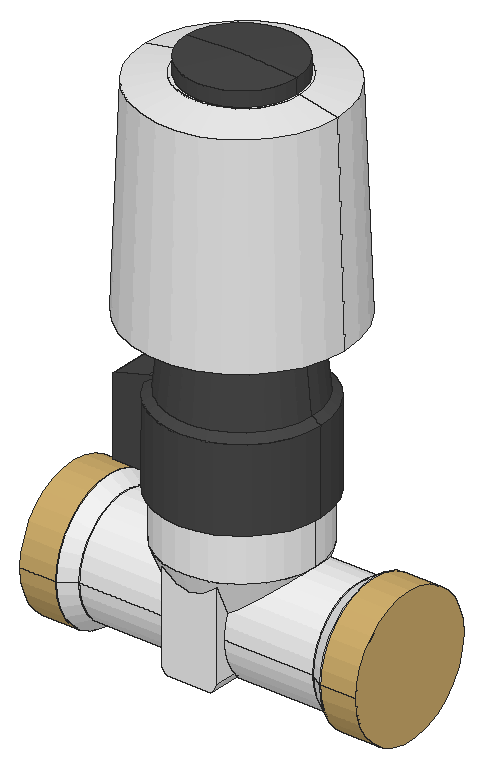
Revit family "RA-C_DN15-20_TWA-A_RFA_4", category Pipe Accessories, Revit 2019
Family settings
  Round Connector Dimension = Use Diameter
  Part Type = Valve - Breaks Into
  OmniClass Number = 23.65.55.14.17
  OmniClass Title = Adjusting/Controlling Valves for Liquid Services
  Work Plane-Based = No
  Always vertical = Yes
  Cut with Voids When Loaded = No
  Shared = No
Parameters (values of type "RA-C_DN15_013G3094")
  Weight = 0.22 kg
  W = if(D > 15 mm, D_B1, 40.5 mm)  # 40.5 mm
  Voltage = if(or(Actuator Type = [088H3106], Actuator Type = [088H3112], Actuator Type = [088H3119], Actuator Type = [088H3118], Actuator Type = [088H3113]), 230 V, 24 V)  # 24 V
  Valve Body Material = Danfoss Brass (Nickel plated)
  URL = "https://store.danfoss.com/en/Climate-Solutions-for-heating/Hydronic-Balancing-and-Control/Other-products/Zone-Valves/c/7076?q=%3Arelevance%3Adanfoss_producttypehierarchydesc%3A1e1c9ddb43c6b1c6cfe933b2dad1ca811543a787&text="
  R_B1 = 10 mm
  Pressure Drop [instance] = 0.0 Pa
  Power = 2 VA  # constant formula
  Model Type = "RA-C_DN15"
  Model = "013G3094"
  Min Medium Temperature = "-10 °C"  # constant formula
  Max Operating Pressure = "10 bar"  # constant formula
  Max Medium Temperature = "120 °C"  # constant formula
  Max Differential Pressure = "0.6 bar"  # constant formula
  Manufacturer = "Danfoss"  # constant formula
  L3 = 10 mm
  L2 = 3 mm
  LOD 350 = not(LOD 200)  # yes
  LOD 200 = no
  L1 = 7 mm
  L = 66 mm
  Kvs = 1.2 m³/h
  IfcExportType = "RA-C"  # constant formula
  IfcExportAs = "IfcValveType"  # constant formula
  H_Arc2 = 0 mm
  H_Arc1 = 0 mm
  H7 = 13.5 mm
  H5 = 6.8 mm
  H4 = 17.1 mm
  H2 = 11 mm
  H3 = 5.8 mm
  H1 = 20 mm
  H0 = 50.5 mm
  H [instance] = 110.1 mm
  Flow [instance] = 0.0 m³/h
  H6 = -5.8 mm
  Description = "Motorized Control Valve"  # constant formula
  D_B4 = 18.5 mm
  D_Thread = 26.5 mm
  DN20_350 = if(and(LOD 350, D = 20 mm), 1 = 1, 1 = 0)  # no
  DN20 = if(D = 20 mm, 1 = 1, 1 = 0)  # no
  DN15 = if(and(LOD 350, D = 15 mm), 1 = 1, 1 = 0)  # yes
  D = 15 mm
  Connection = "External Thread"  # constant formula
  R_V1 = 22.5 mm
  D_B1 = 29 mm
  D_B3 = 16.5 mm
  D_B2 = 23 mm
  Actuator Type = TWA-A_RFA : TWA-A_24V_NO_0.95m_088H3111
  088H3119 = TWA-A_RFA : TWA-A_230V_NC_10m_088H3119
  088H3118 = TWA-A_RFA : TWA-A_230V_NC_5m_088H3118
  088H3113 = TWA-A_RFA : TWA-A_230V_NO_0.95m_088H3113
  088H3112 = TWA-A_RFA : TWA-A_230V_NC_0.95m_088H3112
  088H3106 = TWA-A_RFA : TWA-A_230V_NC/S_0.95m_088H3106
Types (2, lengths in mm): name | Weight | W | R_B1 | Model Type | Model | L3 | L2 | L1 | L | Kvs | H_Arc2 | H_Arc1 | H7 | H5 | H4 | H2 | H3 | H1 | H0 | H | H6 | D_Thread | DN20_350 | DN20 | DN15 | D | R_V1 | D_B1 | Actuator Type
  RA-C_DN20_013G3096 | 0.42 kg | 43 | 18 | "RA-C_DN20" | "013G3096" | 43 | 2 | 8 | 77 | 3.3 m³/h | 3 | 7 | 22 | 5.5 | 16 | 5 | 17.5 | 30.5 | 63 | 129.1 | -9 | 34 | yes | yes | no | 20 | 30.5 | 43 | TWA-A_RFA : TWA-A_24V_NC_0.95m_088H3110
  RA-C_DN15_013G3094 | 0.22 kg | 40.5 | 10 | "RA-C_DN15" | "013G3094" | 10 | 3 | 7 | 66 | 1.2 m³/h | 0 | 0 | 13.5 | 6.8 | 17.1 | 11 | 5.8 | 20 | 50.5 | 110.1 | -5.8 | 26.5 | no | no | yes | 15 | 22.5 | 29 | TWA-A_RFA : TWA-A_24V_NO_0.95m_088H3111
Reference planes
  plane 1 "Center (Front/Back)": y = 0
  plane 2 "XYPLANE": z = 0
  plane 3 "Center (Left/Right)": x = 0
  plane 4 "93": y = 0
  plane 5 "90": y = 0
  plane 6 "88": z = 20
  plane 7 "87": z = 25.9
  plane 8 "85": z = 43
  plane 9 "83": x = 33
  plane 10 "82": x = -33
  plane 11 "81": z = 0
  plane 12 "80": y = 0
  plane 13 "79": x = 0
  plane 14 "78": x = 26
  plane 15 "77": x = -26
  plane 16 "76": x = -14.8
  plane 17 "123XZ": y = 0
  plane 18 "122XZ": y = 0
  plane 19: z = 46.7
  plane 20: z = 50.5
  plane 21: x = -23
  plane 22 "L2": x = 23
  plane 23: x = 14.8
  plane 24: z = 11
  plane 25: z = 32.7
  plane 26: z = 0
  plane 27: z = 0
  plane 28: z = 13
  plane 29: y = -20.25
  plane 30: y = 20.25
  plane 31: z = -13.5
Forms (mm)
  Blend 1, solid, material "Danfoss Brass (Nickel plated)" <- "Valve Body Material", visible <- "LOD 350", detail levels fine
    base sketch origin (-750, 0, 20.01) x (1, 0, 0) y (0, 1, 0)
      loop
        circle (750, 0) r 14.5
    top sketch origin (-750, 0, 20.01) x (1, 0, 0) y (0, 1, 0)
      loop
        circle (750, 0) r 14.5
    from -0.01 to -9.01
  Extrusion 2, solid, material "Danfoss Brass (Nickel plated)" <- "Valve Body Material", detail levels fine
    sketch origin (-750, 0, 37.01) x (1, 0, 0) y (0, 1, 0)
      loop
        circle (750, 0) r 9.25
    from 5.99 to -4.31
  Extrusion 3, solid, material "Danfoss Brass (Nickel plated)" <- "Valve Body Material", visible <- "LOD 350", detail levels fine
    sketch origin (-14.8, -750, 0) x (0, 1, 0) y (0, 0, 1)
      loop
        circle (750, 0) r 11.25
    from -8.2 to 37.8
  Extrusion 4, solid, material "Danfoss Brass (Nickel plated)" <- "Valve Body Material", not visible, detail levels fine
    sketch origin (-33, -750, 0) x (0, 1, 0) y (0, 0, 1)
      loop
        circle (750, 0) r 10
    from 0 to 10
  Extrusion 5, solid, material "Danfoss Brass (Nickel plated)" <- "Valve Body Material", not visible, detail levels fine
    sketch origin (33, -750, 0) x (0, 1, 0) y (0, 0, 1)
      loop
        circle (750, 0) r 10
    from 0 to -10
  Revolve 6, solid, material "Danfoss Brass", detail levels fine
    sketch origin (0, 0, 0) x (1, 0, 0) y (0, 0, 1)
      loop
        line (0, 46.7) -> (0, 43) -> (5, 43) -> (5, 46.7) -> (0, 46.7)
      axis (0, 43) -> (0, 46.7)
    angle from 0 to 360
  Blend 7, solid, material "Danfoss Brass (Nickel plated)" <- "Valve Body Material", visible <- "LOD 350", detail levels fine
    base sketch origin (0, 0, 0) x (0, 1, 0) y (0, 0, 1)
      loop
        circle (0, 0) r 13.25
    top sketch origin (0, 0, 0) x (0, 1, 0) y (0, 0, 1)
      loop
        circle (0, 0) r 11.25
    from -26 to -23
  Blend 8, solid, material "Danfoss Brass (Nickel plated)" <- "Valve Body Material", visible <- "LOD 350", detail levels fine
    base sketch origin (0, 0, 0) x (0, 1, 0) y (0, 0, 1)
      loop
        circle (0, 0) r 11.25
    top sketch origin (0, 0, 0) x (0, 1, 0) y (0, 0, 1)
      loop
        circle (0, 0) r 13.25
    from 23 to 26
  Extrusion 9, solid, material "Danfoss Brass (Nickel plated)" <- "Valve Body Material", visible <- "LOD 200", detail levels fine
    sketch origin (-26, -750, 0) x (0, 1, 0) y (0, 0, 1)
      loop
        circle (750, 0) r 11.25
    from 0 to 52
  Extrusion 10, solid, material "Danfoss Brass", detail levels fine
    sketch origin (26, -750, 0) x (0, 1, 0) y (0, 0, 1)
      loop
        circle (750, 0) r 13.25
    from 0 to 7
  Extrusion 11, solid, material "Danfoss Brass", detail levels fine
    sketch origin (-26, -750, 0) x (0, 1, 0) y (0, 0, 1)
      loop
        circle (750, 0) r 13.25
    from 0 to -7
  Blend 12, solid, material "Danfoss Brass (Nickel plated)" <- "Valve Body Material", visible <- "LOD 350", detail levels fine
    base sketch origin (0, 0, 0) x (1, 0, 0) y (0, 1, 0)
      loop
        circle (0, 0) r 10
    top sketch origin (0, 0, 0) x (1, 0, 0) y (0, 1, 0)
      loop
        circle (0, 0) r 14.5
    from 0 to 11
  Extrusion 13, solid, material "Danfoss Brass (Nickel plated)" <- "Valve Body Material", visible <- "LOD 200", detail levels fine
    sketch origin (0, 0, 0) x (1, 0, 0) y (0, 1, 0)
      loop
        circle (0, 0) r 14.5
    from 0 to 20
  Extrusion 14, solid, material "Danfoss Brass (Nickel plated)" <- "Valve Body Material", visible <- "DN15", detail levels fine
    sketch origin (0, 0, 0) x (1, 0, 0) y (0, 0, 1)
      loop
        line (-4.213, -9.023) -> (4.213, -9.023)
        arc (4.213, -9.023) -> (5.061, -8.267) -> (5.419, -7.188) r 2.196
        line (5.419, -7.188) -> (5.419, 11) -> (-5.419, 11) -> (-5.419, -7.188)
        arc (-5.419, -7.188) -> (-5.061, -8.267) -> (-4.213, -9.023) r 2.196
    from -13 to 13
  Extrusion 15, solid, material "Danfoss Brass (Nickel plated)" <- "Valve Body Material", visible <- "DN20_350", detail levels fine
    sketch origin (0, 0, 0) x (1, 0, 0) y (0, 1, 0)
      loop
        line (-0.614, -5) -> (0.614, -5)
        arc (0.614, -5) -> (3.715, -3.715) -> (5, -0.614) r 4.386
        line (5, -0.614) -> (5, 0.552)
        arc (5, 0.552) -> (3.697, 3.697) -> (0.552, 5) r 4.448
        line (0.552, 5) -> (-0.552, 5)
        arc (-0.552, 5) -> (-3.697, 3.697) -> (-5, 0.552) r 4.448
        line (-5, 0.552) -> (-5, -0.614)
        arc (-5, -0.614) -> (-3.715, -3.715) -> (-0.614, -5) r 4.386
    from 20 to 13
  Extrusion 16, solid, material "Danfoss Brass", detail levels fine
    sketch origin (0, 0, 0) x (1, 0, 0) y (0, 1, 0)
      loop
        circle (0, 0) r 8.25
    from 25.9 to 32.7
  Extrusion 17, solid, material "Danfoss Brass (Nickel plated)" <- "Valve Body Material", visible <- "DN20", detail levels fine
    sketch origin (0, 0, 0) x (1, 0, 0) y (0, 1, 0)
      loop
        circle (0, 0) r 17
    from -13.5 to 0
  Blend 18, solid, material "Danfoss Brass (Nickel plated)" <- "Valve Body Material", visible <- "DN20_350", detail levels fine
    base sketch origin (-14.8, -750, 0) x (0, 1, 0) y (0, 0, 1)
      loop
        arc (738.028, 0) -> (750, -11.972) -> (761.972, 0) r 11.972
        line (761.972, 0) -> (738.028, 0)
    top sketch origin (-14.8, -750, 0) x (0, 1, 0) y (0, 0, 1)
      loop
        line (765, 0) -> (735, 0)
        arc (735, 0) -> (750, -15) -> (765, 0) r 15
    from 40.8 to 14.8
  Extrusion 19, solid, material "Danfoss Brass", detail levels fine
    sketch origin (-750, 0, 25.9) x (1, 0, 0) y (0, 1, 0)
      loop
        circle (750, 0) r 11.5
    from 0 to -5.9
  Revolve 20, solid, material "Danfoss Stainless Steel", detail levels fine
    sketch origin (0, 0, 0) x (1, 0, 0) y (0, 0, 1)
      loop
        line (0, 46.7) -> (1, 46.7) -> (1, 50.5) -> (0, 50.5) -> (0, 46.7)
      axis (0, 46.7) -> (0, 50.5)
    angle from 0 to 360
Lines and regions (mm)
  reference lines, not visible
    curve 1: circle (2, 2, 0) r 1 normal (0, 0, 1)
  reference lines
    curve 2: line (-33, 0, 0) -> (-33, 5.846, -3.375)
    curve 3: line (-33, 0, 0) -> (-33, 0, -6.75)
    curve 4: line (-33, 0, 0) -> (-33, -5.846, -3.375)
    curve 5: line (33, 0, 0) -> (33, 5.846, -3.375)
    curve 6: line (33, 0, 0) -> (33, 0, -6.75)
    curve 7: line (33, 0, 0) -> (33, -5.846, -3.375)
Dimensions and locks
  plane 1 "Center (Front/Back)" to curve 1 = 2 mm
  locked: plane 12 "80" to plane 4 "93"
  locked: plane 12 "80" to plane 5 "90"
  locked: plane 2 "XYPLANE" to plane 11 "81"
  locked: plane 1 "Center (Front/Back)" to plane 12 "80"
  locked: plane 3 "Center (Left/Right)" to plane 13 "79"
  "L": plane 9 "83" to plane 10 "82"
  "H1": plane 6 "88" to level
  "H0": plane 20 to level
  Revolve 6 sketch curve to Revolve 6 sketch curve = 5 mm
  "L1": plane 15 "77" to plane 10 "82"
  "L1": plane 9 "83" to plane 14 "78"
  equal spacing: plane 9 "83", plane 13 "79", plane 10 "82"
  "H2": plane 24 to level
  equal spacing: Extrusion 14 sketch curve, plane 3 "Center (Left/Right)", Extrusion 14 sketch curve
  Extrusion 14 sketch curve to Extrusion 14 sketch curve = 10.838 mm
  locked: plane 20 to plane 19 at 3.8
  "H4": plane 8 "85" to plane 7 "87"
  equal spacing: Extrusion 15 sketch curve, plane 1 "Center (Front/Back)", Extrusion 15 sketch curve
  "H5": plane 25 to plane 7 "87"
  "H_Arc1": level to plane 27
  "H_Arc2": level to plane 26
  "L2": plane 21 to plane 15 "77"
  "L2": plane 14 "78" to plane 22 "L2"
  equal spacing: Extrusion 15 sketch curve, plane 3 "Center (Left/Right)", Extrusion 15 sketch curve
  "L3": Extrusion 15 sketch curve to Extrusion 15 sketch curve  (x2)
  locked: plane 6 "88" to plane 28 at 7
  Revolve 20 sketch curve to Revolve 20 sketch curve = 1 mm
  equal spacing: plane 29, plane 1 "Center (Front/Back)", plane 30
  "W": plane 29 to plane 30
  "H7": level to plane 31
  "H": nested 2 to plane 31
  locked: plane 19 to plane 8 "85" at 3.7
  "D_B1": diameter of Blend 1 sketch curve  (x2)
  "D_B4": diameter of Extrusion 2 sketch curve
  "R_V1": diameter of Extrusion 3 sketch curve
  "D_Thread": diameter of Blend 7 sketch curve
  "R_V1": diameter of Blend 7 sketch curve
  "R_V1": diameter of Blend 8 sketch curve
  "D_Thread": diameter of Blend 8 sketch curve
  "R_V1": diameter of Extrusion 9 sketch curve
  "D_Thread": diameter of Extrusion 10 sketch curve
  "D_Thread": diameter of Extrusion 11 sketch curve
  "R_B1": radius of Blend 12 sketch curve
  "D_B1": diameter of Blend 12 sketch curve
  "D_B1": diameter of Extrusion 13 sketch curve
  radius of Extrusion 15 sketch curve = 4.386 mm  (x2)
  radius of Extrusion 15 sketch curve = 4.448 mm  (x2)
  "D_B3": diameter of Extrusion 16 sketch curve
  radius of Extrusion 17 sketch curve = 17 mm
  radius of Blend 18 sketch curve = 11.972 mm
  radius of Blend 18 sketch curve = 15 mm
  "D_B2": diameter of Extrusion 19 sketch curve
  locked: curve 3 to curve 2 (angle 60.00°)
  locked: curve 4 to curve 3 (angle 60.00°)
  locked: curve 4 to curve 2 (angle 120.00°)
  locked: curve 6 to curve 5 (angle 60.00°)
  locked: curve 7 to curve 6 (angle 60.00°)
  locked: curve 7 to curve 5 (angle 120.00°)
  aligned and locked: level to plane 2 "XYPLANE"
  aligned and locked: plane 12 "80" to Blend 1 sketch curve  (x2)
  aligned and locked: plane 13 "79" to Blend 1 sketch curve  (x2)
  aligned and locked: plane 12 "80" to Extrusion 2 sketch curve
  aligned and locked: plane 13 "79" to Extrusion 2 sketch curve
  aligned and locked: plane 11 "81" to curve 4
  aligned and locked: curve 4 to plane 12 "80"
  aligned and locked: plane 11 "81" to curve 7
  aligned and locked: curve 7 to plane 12 "80"
  aligned and locked: plane 11 "81" to Extrusion 3 sketch curve
  aligned and locked: Extrusion 3 sketch curve to plane 12 "80"
  aligned and locked: plane 11 "81" to Extrusion 4 sketch curve
  aligned and locked: Extrusion 4 sketch curve to plane 12 "80"
  aligned and locked: plane 11 "81" to Extrusion 5 sketch curve
  aligned and locked: Extrusion 5 sketch curve to plane 12 "80"
  aligned and locked: Revolve 6 sketch curve to plane 13 "79"
  aligned and locked: Revolve 6 sketch curve to plane 19
  aligned and locked: plane 13 "79" to Revolve 6 sketch curve
  aligned and locked: level to Blend 7 sketch curve  (x2)
  aligned and locked: plane 1 "Center (Front/Back)" to Blend 7 sketch curve
  aligned and locked: plane 18 "122XZ" to Blend 7 sketch curve
  aligned and locked: plane 18 "122XZ" to Blend 8 sketch curve  (x2)
  aligned and locked: level to Blend 8 sketch curve  (x2)
  aligned and locked: plane 18 "122XZ" to Extrusion 9 sketch curve
  aligned and locked: level to Extrusion 9 sketch curve
  aligned and locked: Extrusion 9 to plane 14 "78"
  aligned and locked: Extrusion 10 to plane 9 "83"
  aligned and locked: Extrusion 11 sketch curve to plane 18 "122XZ"
  aligned and locked: level to Extrusion 11 sketch curve
  aligned and locked: Extrusion 11 to plane 10 "82"
  aligned and locked: plane 18 "122XZ" to Blend 12 sketch curve  (x2)
  aligned and locked: plane 13 "79" to Blend 12 sketch curve  (x2)
  aligned and locked: plane 6 "88" to Blend 1
  aligned and locked: plane 1 "Center (Front/Back)" to Extrusion 13 sketch curve
  aligned and locked: plane 3 "Center (Left/Right)" to Extrusion 13 sketch curve
  aligned and locked: Extrusion 13 to level
  aligned and locked: plane 3 "Center (Left/Right)" to nested 1  (x2)
  aligned and locked: plane 1 "Center (Front/Back)" to nested 1
  aligned and locked: Revolve 6 sketch curve to plane 8 "85"
  aligned and locked: plane 8 "85" to Extrusion 2
  aligned and locked: Extrusion 15 to plane 6 "88"
  aligned and locked: Blend 1 to plane 24
  aligned and locked: Blend 12 to Blend 1
  aligned and locked: Extrusion 2 to plane 25
  aligned and locked: plane 13 "79" to Extrusion 16 sketch curve
  aligned and locked: plane 1 "Center (Front/Back)" to Extrusion 16 sketch curve
  aligned and locked: Extrusion 16 to plane 7 "87"
  aligned and locked: plane 25 to Extrusion 16
  aligned and locked: plane 13 "79" to Extrusion 17 sketch curve
  aligned and locked: plane 1 "Center (Front/Back)" to Extrusion 17 sketch curve
  aligned and locked: level to Extrusion 17
  aligned and locked: Blend 18 to plane 3 "Center (Left/Right)"
  aligned and locked: Blend 18 to plane 14 "78"
  aligned and locked: plane 1 "Center (Front/Back)" to Blend 18 sketch curve  (x2)
  aligned and locked: plane 26 to Blend 18 sketch curve  (x2)
  aligned and locked: plane 27 to Blend 18 sketch curve  (x2)
  aligned and locked: plane 24 to Extrusion 14
  aligned and locked: Blend 7 to plane 15 "77"
  aligned and locked: Blend 8 to plane 14 "78"
  aligned and locked: Blend 7 to plane 21
  aligned and locked: Extrusion 3 to plane 21
  aligned and locked: Blend 8 to plane 22 "L2"
  aligned and locked: Extrusion 3 to plane 22 "L2"
  aligned and locked: plane 28 to Extrusion 15
  aligned and locked: Blend 12 to level
  aligned and locked: plane 13 "79" to Extrusion 19 sketch curve
  aligned and locked: plane 1 "Center (Front/Back)" to Extrusion 19 sketch curve
  aligned and locked: plane 13 "79" to Revolve 20 sketch curve  (x2)
  aligned and locked: plane 19 to Revolve 20 sketch curve
  aligned and locked: Revolve 20 sketch curve to plane 20
  aligned and locked: plane 31 to Extrusion 17
  aligned and locked: nested 2 to plane 18 "122XZ"
  aligned and locked: plane 13 "79" to nested 2
  aligned and locked: plane 6 "88" to Extrusion 13
  aligned and locked: Extrusion 19 to plane 6 "88"
  aligned and locked: nested 2 to plane 6 "88"
Automatic sketch dimensions
  plane 3 "Center (Left/Right)" to curve 1 = 2 mm
  plane 1 "Center (Front/Back)" to Extrusion 4 sketch curve = 10 mm
  plane 1 "Center (Front/Back)" to Extrusion 5 sketch curve = 10 mm
  Extrusion 14 sketch curve to Extrusion 14 sketch curve = 1.206 mm  (x2)
  Extrusion 14 sketch curve to Extrusion 14 sketch curve = 0.986 mm  (x2)
  Extrusion 14 sketch curve to level = 9.023 mm
  Extrusion 14 sketch curve to Extrusion 14 sketch curve = 1.835 mm  (x2)
  Extrusion 14 sketch curve to plane 6 "88" = 9 mm
  Revolve 6 sketch curve to plane 8 "85" = 1.171 mm
  plane 20 to Revolve 6 sketch curve = 2.03 mm
  Revolve 20 sketch curve to plane 19 = 0.97 mm
  plane 20 to Revolve 20 sketch curve = 2.73 mm
  Extrusion 10 sketch curve to level = 0 mm
  Extrusion 10 sketch curve to plane 1 "Center (Front/Back)" = 0 mm
  radius of curve 1 = 1 mm
Nested families
  nested 1: "Schematic_2-Way Control Valve" at (0, 0, 0), type "Schematic_2-Way Control Valve", detail levels coarse+medium
  nested 2: "TWA-A_RFA" at (0, 0, 20), LOD 200 <- "LOD 200", type <- "Actuator Type", Voltage <- "Voltage", Power <- "Power", type "TWA-A_24V_NO_0.95m_088H3111", detail levels fine
    with Voltage 24 V, Power 2 VA, LOD 350 yes, LOD 200 no
Connectors
  piping at (-33, 0, 0), diameter 15, driven by "D", driven by "Flow"
    settings: on Extrusion 4, index 1, connector inside diameter 609.6 mm, connector length 0 mm, flow factor 0, pipe flow 0.0 m³/h, pressure drop 0.0 Pa, fitting loss kfactor 0, connector angle 0.00°, fixture units 0, engagement length 0 mm, angle of deflection 0.00°, flow configuration 0, flow direction 1, fitting loss method 0, system type 29, joint type 0, gender type 0, connector reference index 2, connector utility 0, adjustable connector no, is connector primary yes, connector description ""
  piping at (33, 0, 0), diameter 15, driven by "D", driven by "Flow"
    settings: on Extrusion 5, index 2, connector inside diameter 609.6 mm, connector length 0 mm, flow factor 0, pipe flow 0.0 m³/h, pressure drop 0.0 Pa, fitting loss kfactor 0, connector angle 0.00°, fixture units 0, engagement length 0 mm, angle of deflection 0.00°, flow configuration 0, flow direction 2, fitting loss method 0, system type 29, joint type 0, gender type 0, connector reference index 1, connector utility 0, adjustable connector no, is connector primary no, connector description ""
  electrical at (0, 0, 0), driven by "Voltage", driven by "Power"
    settings: index 14, voltage 24 V, apparent load 0 VA, apparent load phase1 2 VA, apparent load phase2 0 VA, apparent load phase3 0 VA, power factor 0.95, load classification "HVAC", number of poles 1, system type 31, power factor state 1, is connector primary yes, connector utility no, sub classification motor no, connector description ""
Definition of nested family "TWA-A_RFA"
  Parameters (values of type "TWA-A_230V_NC/S_0.95m_088H3106")
    Weight = 0.14 kg
    W = L  # 40.5 mm
    Voltage [instance] = 230 V
    URL = "https://store.danfoss.com/en/Climate-Solutions-for-heating/Hydronic-floor-heating/Thermal-actuators/c/4218?q=%3Arelevance%3Adanfoss_producttypehierarchydesc%3ATWA-A%3Adanfoss_a1195338584%3AA1195_33858436fb81539768d678527f9929625716b7&text="
    Power Supply = "230 V AC"
    Power Consumption = "2 W"  # constant formula
    Power [instance] = 2 VA
    Model Type = "TWA-A_230V_NC/S_0.95m"
    Model = "088H3106"
    Min Ambient Temperature = "0 °C"  # constant formula
    Max Ambient Temperature = "60 °C"  # constant formula
    Manufacturer = "Danfoss"  # constant formula
    LOD 350 [instance] = not(LOD 200)  # yes
    LOD 200 [instance] = no
    L = 40.5 mm
    IfcExportType = "TWA-A"  # constant formula
    IfcExportAs = "IfcActuatorType"  # constant formula
    H = 76.6 mm
    Function = "Normally Closed (with end-switch)"
    Description = "Thermal Actuator"  # constant formula
    Connection = "RA"  # constant formula
    Closing and Opening Time = "3 min"  # constant formula
    Cable Length = 950 mm
    Body Material = none
  Types (10, lengths in mm): name | Weight | Voltage | Power Supply | Model Type | Model | Function | Cable Length
    TWA-A_24V_NC_0.95m_088H3110 | 0.12 kg | 24 V | "24 V AC/DC" | "TWA-A_24V_NC_0.95m" | "088H3110" | "Normally Closed" | 950
    TWA-A_24V_NO_0.95m_088H3111 | 0.12 kg | 24 V | "24 V AC/DC" | "TWA-A_24V_NO_0.95m" | "088H3111" | "Normally Opened" | 950
    TWA-A_230V_NC/S_0.95m_088H3106 | 0.14 kg | 230 V | "230 V AC" | "TWA-A_230V_NC/S_0.95m" | "088H3106" | "Normally Closed (with end-switch)" | 950
    TWA-A_230V_NC_0.95m_088H3112 | 0.12 kg | 230 V | "230 V AC" | "TWA-A_230V_NC_0.95m" | "088H3112" | "Normally Closed" | 950
    TWA-A_24V_NC/S_0.95m_088H3114 | 0.13 kg | 24 V | "24 V AC/DC" | "TWA-A_24V_NC/S_0.95m" | "088H3114" | "Normally Closed (with end-switch)" | 950
    TWA-A_230V_NO_0.95m_088H3113 | 0.12 kg | 230 V | "230 V AC" | "TWA-A_230V_NO_0.95m" | "088H3113" | "Normally Opened" | 950
    TWA-A_24V_NC_5m_088H3116 | 0.28 kg | 24 V | "24 V AC/DC" | "TWA-A_24V_NC_5m" | "088H3116" | "Normally Closed" | 5000
    TWA-A_24V_NC_10m_088H3117 | 0.45 kg | 24 V | "24 V AC/DC" | "TWA-A_24V_NC_10m" | "088H3117" | "Normally Closed" | 10000
    TWA-A_230V_NC_5m_088H3118 | 0.12 kg | 230 V | "230 V AC" | "TWA-A_230V_NC_5m" | "088H3118" | "Normally Closed" | 5000
    TWA-A_230V_NC_10m_088H3119 | 0.12 kg | 230 V | "230 V AC" | "TWA-A_230V_NC_10m" | "088H3119" | "Normally Closed" | 10000
  Reference planes
    plane 1 "Center (Front/Back)": y = 0
    plane 2: z = 0
    plane 3 "Center (Left/Right)": x = 0
    plane 4: z = 31.2
    plane 5: z = 17.4
    plane 6: z = 76.6
    plane 7: z = 10.2
    plane 8: x = -20.25
    plane 9: x = 20.25
  Forms (mm)
    Revolve 1, solid, visible <- "LOD 350", detail levels fine
      sketch origin (0, 0, 0) x (1, 0, 0) y (0, 0, 1)
        loop
          line (0, 76.6) -> (0, 0) -> (15.5, 0) -> (15.5, 16.18) -> (13.831, 17.348) -> (10.8, 46.184) -> (10.8, 75.866)
          arc (10.8, 75.866) -> (5.413, 76.43) -> (0, 76.6) r 74.529
        axis (0, 76.6) -> (0, 0)
      angle from 0 to 360
    Extrusion 2, solid, visible <- "LOD 350", detail levels fine
      sketch origin (0, 0, 0) x (1, 0, 0) y (0, 0, 1)
        loop
          line (-21, 0) -> (0, 0) -> (0, 17.4) -> (-13.825, 17.4) -> (-20.235, 15.683)
          arc (-20.235, 15.683) -> (-20.787, 15.314) -> (-21, 14.686) r 1.032
          line (-21, 14.686) -> (-21, 0)
      from -5.6 to 5.6
    Extrusion 3, solid, visible <- "LOD 350", detail levels fine
      sketch origin (0, 0, 0) x (0, 1, 0) y (0, 0, 1)
        loop
          circle (0, 10.2) r 2.232
      from -23.2 to 0
    Revolve 4, solid, material <- "Body Material", visible <- "LOD 350", detail levels fine
      sketch origin (0, 0, 0) x (1, 0, 0) y (0, 0, 1)
        loop
          line (0, 73.091) -> (-11.366, 73.091) -> (-18.836, 71.693) -> (-20.25, 31.2) -> (0, 31.2) -> (0, 73.091)
        axis (0, 31.2) -> (0, 73.091)
      angle from 0 to 360
    Revolve 5, solid, visible <- "LOD 200", detail levels fine
      sketch origin (0, 0, 0) x (1, 0, 0) y (0, 0, 1)
        loop
          line (0, 76.6) -> (0, 0) -> (15.5, 0) -> (15.5, 17.4) -> (11, 17.4) -> (11, 76.6) -> (0, 76.6)
        axis (0, 0) -> (0, 76.6)
      angle from 0 to 360
    Revolve 6, solid, material <- "Body Material", visible <- "LOD 200", detail levels fine
      sketch origin (0, 0, 0) x (1, 0, 0) y (0, 0, 1)
        loop
          line (0, 73.091) -> (-20.3, 73.091) -> (-20.3, 31.2) -> (0, 31.2) -> (0, 73.091)
        axis (0, 31.2) -> (0, 73.091)
      angle from 0 to 360
    Extrusion 7, solid, visible <- "LOD 200", detail levels fine
      sketch origin (0, 0, 0) x (1, 0, 0) y (0, 0, 1)
        loop
          line (0, 17.4) -> (-21, 17.4) -> (-21, 0) -> (0, 0) -> (0, 17.4)
      from -5.6 to 5.6
  Dimensions and locks
    "H": plane 6 to level
    locked: plane 4 to plane 2 at 31.2
    locked: plane 5 to plane 2 at 17.4
    locked: plane 3 "Center (Left/Right)" to Extrusion 2 sketch curve at 21
    locked: plane 7 to plane 2 at 10.2
    Revolve 1 sketch curve to plane 3 "Center (Left/Right)" = 10.8 mm
    plane 3 "Center (Left/Right)" to Revolve 1 sketch curve = 15.5 mm
    locked: plane 3 "Center (Left/Right)" to Revolve 4 sketch curve at 18.836
    locked: plane 3 "Center (Left/Right)" to Revolve 4 sketch curve at 11.366
    locked: Revolve 5 sketch curve to plane 3 "Center (Left/Right)" at 11
    locked: Revolve 5 sketch curve to plane 3 "Center (Left/Right)" at 15.5
    locked: plane 3 "Center (Left/Right)" to Revolve 6 sketch curve at 20.3
    locked: plane 3 "Center (Left/Right)" to Extrusion 7 sketch curve at 21
    equal spacing: plane 8, plane 3 "Center (Left/Right)", plane 9
    "L": plane 8 to plane 9
    radius of Extrusion 2 sketch curve = 1.032 mm
    diameter of Extrusion 3 sketch curve = 4.464 mm
    angle plane 5 to Revolve 1 sketch curve = 96.00°
    angle Revolve 1 sketch curve to Revolve 1 sketch curve = 125.00°
    angle Revolve 4 sketch curve to Revolve 4 sketch curve = 102.598°
    angle Revolve 4 sketch curve to Revolve 4 sketch curve = 169.401°
    aligned and locked: level to plane 2
    aligned and locked: Revolve 1 sketch curve to plane 3 "Center (Left/Right)"
    aligned and locked: Revolve 1 sketch curve to plane 2
    aligned and locked: plane 6 to Revolve 1 sketch curve
    aligned and locked: Revolve 1 sketch curve to Revolve 1 sketch curve
    aligned and locked: Extrusion 2 sketch curve to plane 5
    aligned and locked: Extrusion 2 sketch curve to level
    aligned and locked: Extrusion 2 sketch curve to plane 3 "Center (Left/Right)"
    aligned and locked: plane 3 "Center (Left/Right)" to Extrusion 3
    aligned and locked: Revolve 4 sketch curve to plane 3 "Center (Left/Right)"
    aligned and locked: Revolve 4 sketch curve to plane 4
    aligned and locked: Revolve 4 sketch curve to Revolve 4 sketch curve  (x2)
    aligned and locked: Revolve 5 sketch curve to plane 3 "Center (Left/Right)"
    aligned and locked: Revolve 5 sketch curve to plane 2
    aligned and locked: Revolve 5 sketch curve to plane 5
    aligned and locked: Revolve 5 sketch curve to plane 6
    aligned and locked: Revolve 5 sketch curve to Revolve 5 sketch curve  (x2)
    aligned and locked: Revolve 6 sketch curve to plane 3 "Center (Left/Right)"
    aligned and locked: Revolve 6 sketch curve to Revolve 4
    aligned and locked: Revolve 6 sketch curve to plane 4
    aligned and locked: Revolve 6 sketch curve to Revolve 6 sketch curve
    aligned and locked: Extrusion 7 sketch curve to plane 3 "Center (Left/Right)"
    aligned and locked: Extrusion 7 sketch curve to plane 5
    aligned and locked: Extrusion 7 sketch curve to level
  Automatic sketch dimensions
    Revolve 1 sketch curve to plane 5 = 0.052 mm
    Revolve 1 sketch curve to level = 0 mm
    Revolve 1 sketch curve to plane 6 = 0 mm
    plane 3 "Center (Left/Right)" to Revolve 1 sketch curve = 0.362 mm
    level to Revolve 1 sketch curve = 2.072 mm
    Revolve 1 sketch curve to plane 5 = 1.22 mm
    Extrusion 2 sketch curve to plane 5 = 1.717 mm
    Extrusion 2 sketch curve to Extrusion 2 sketch curve = 0.267 mm
    Extrusion 2 sketch curve to Extrusion 2 sketch curve = 6.41 mm
    Extrusion 3 sketch curve to plane 1 "Center (Front/Back)" = 0 mm
    Extrusion 3 sketch curve to plane 7 = 0 mm
    Revolve 4 sketch curve to Revolve 4 sketch curve = 0 mm
    Revolve 5 sketch curve to plane 6 = 0 mm
    Revolve 6 sketch curve to plane 4 = 0 mm
    Revolve 6 sketch curve to Revolve 6 sketch curve = 0 mm
    Revolve 4 sketch curve to Revolve 4 sketch curve = 20.25 mm
    Revolve 4 sketch curve to plane 6 = 4.907 mm
Definition of nested family "Schematic_2-Way Control Valve"
  Parameters (values of type "Schematic_2-Way Control Valve")
    L = 80.4 mm
    H1 = L / 3  # 26.8 mm
    H = 60.3 mm
    D = 47 mm
  Reference planes
    plane 1 "Center (Front/Back)": y = 0
    plane 2: z = 0
    plane 3 "Center (Left/Right)": x = 0
    plane 4: x = -40.2
    plane 5: x = 40.2
    plane 6: y = 23.5
    plane 7: y = -23.5
    plane 8: y = 60.3
    plane 9: y = 46.9
    plane 10: y = 33.5
    plane 11: z = -23.5
    plane 12: z = 23.5
    plane 13: z = 60.3
    plane 14: z = 46.9
    plane 15: z = 33.5
    plane 16: x = 13.4
    plane 17: x = -13.4
  Lines and regions (mm)
    symbolic lines
      curve 1: line (-40.2, 23.5, 0) -> (-40.2, -23.5, 0)
      curve 2: line (-40.2, -23.5, 0) -> (40.2, 23.5, 0)
      curve 3: line (40.2, 23.5, 0) -> (40.2, -23.5, 0)
      curve 4: line (40.2, -23.5, 0) -> (-40.2, 23.5, 0)
      curve 5: line (0, 0, 0) -> (0, 33.5, 0)
      curve 15: line (-13.4, 60.3, 0) -> (13.4, 60.3, 0)
      curve 16: line (-13.4, 33.5, 0) -> (-13.4, 60.3, 0)
      curve 17: line (13.4, 33.5, 0) -> (-13.4, 33.5, 0)
      curve 18: line (13.4, 60.3, 0) -> (13.4, 33.5, 0)
    model lines
      curve 6: line (-40.2, 0, 23.5) -> (-40.2, 0, -23.5)
      curve 7: line (-40.2, 0, -23.5) -> (40.2, 0, 23.5)
      curve 8: line (40.2, 0, 23.5) -> (40.2, 0, -23.5)
      curve 9: line (40.2, 0, -23.5) -> (-40.2, 0, 23.5)
      curve 10: line (0, 0, 0) -> (0, 0, 33.5)
      curve 11: line (-13.4, 0, 60.3) -> (13.4, 0, 60.3)
      curve 12: line (-13.4, 0, 33.5) -> (-13.4, 0, 60.3)
      curve 13: line (13.4, 0, 33.5) -> (-13.4, 0, 33.5)
      curve 14: line (13.4, 0, 60.3) -> (13.4, 0, 33.5)
  Dimensions and locks
    equal spacing: plane 4, plane 3 "Center (Left/Right)", plane 5
    "L": plane 4 to plane 5
    equal spacing: plane 7, plane 1 "Center (Front/Back)", plane 6
    "D": plane 7 to plane 6
    "H": plane 1 "Center (Front/Back)" to plane 8
    equal spacing: plane 10, plane 9, plane 8
    "H1": plane 10 to plane 8
    equal spacing: plane 13, plane 14, plane 15
    "H1": plane 13 to plane 15
    equal spacing: plane 12, plane 2, plane 11
    "D": plane 12 to plane 11
    "H": plane 13 to plane 2
    "H1": plane 16 to plane 17
    equal spacing: plane 16, plane 3 "Center (Left/Right)", plane 17
    equal spacing: plane 17, plane 3 "Center (Left/Right)", plane 16
    aligned and locked: level to plane 2
    aligned and locked: plane 10 to curve 5
    aligned and locked: plane 15 to curve 10
    aligned and locked: plane 3 "Center (Left/Right)" to curve 10
    aligned and locked: plane 17 to curve 12
    aligned and locked: plane 15 to curve 13
    aligned and locked: curve 14 to plane 16
    aligned and locked: plane 3 "Center (Left/Right)" to curve 5
  Automatic sketch dimensions
    curve 6 to plane 4 = 0 mm
    curve 7 to plane 5 = 0 mm
    curve 6 to plane 11 = 0 mm
    curve 9 to plane 11 = 0 mm
    curve 10 to level = 0 mm
    curve 8 to plane 12 = 0 mm
    curve 11 to plane 13 = 0 mm
    curve 1 to plane 4 = 0 mm
    curve 2 to plane 5 = 0 mm
    plane 7 to curve 1 = 0 mm
    plane 7 to curve 4 = 0 mm
    plane 1 "Center (Front/Back)" to curve 5 = 0 mm
    plane 6 to curve 4 = 0 mm
    curve 16 to plane 17 = 0 mm
    plane 8 to curve 15 = 0 mm
    curve 15 to plane 16 = 0 mm
